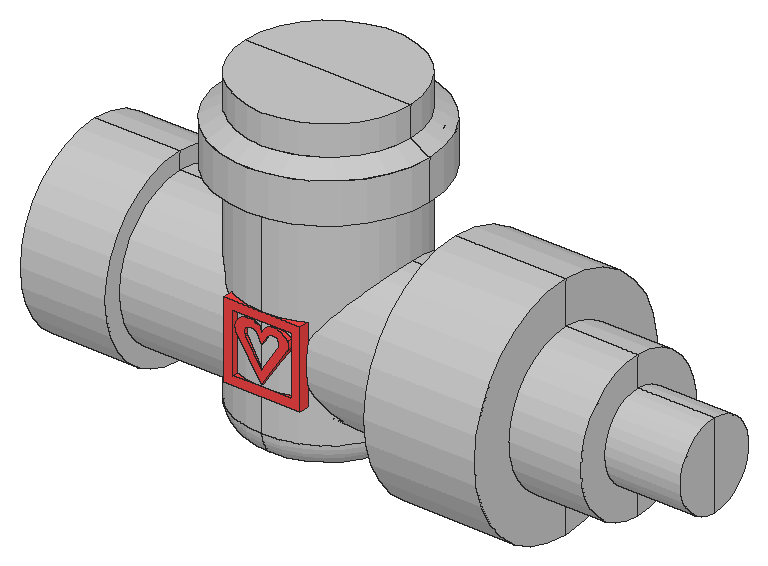
Revit family "RL-5 Rücklaufventil DG 3923", category Rohrzubehör, Revit 2018
Family settings
  Bemaßung runder Anschluss = Durchmesser verwenden
  Teiletyp = Unterbricht
  OmniClass-Nummer = 23.65.55.14
  OmniClass-Titel = Valves for Liquid Services
  Arbeitsebenenbasiert = Nein
  Immer vertikal = Nein
  Beim Laden mit Abzugskörper schneiden = Nein
  Gemeinsam genutzt = Nein
Parameters
  W02 [instance] = 70.00°  # constant formula
  W01 = 120.00°  # constant formula
  URL = "www.herz-armaturen.at"
  SCRNSEQ = "ARM;ARM_TYP=\"ALLF\";2"
  SCRNCODE = "05;01;02"  # constant formula
  S04 = 45.000 mm  # constant formula
  S03 = 61.000 mm  # constant formula
  S02 [instance] = L05 + L06 + L07  # 45.500 mm
  S01 = 10.000 mm  # constant formula
  R05 = 9.750 mm  # constant formula
  R04 = 12.000 mm  # constant formula
  R02 = 9.750 mm  # constant formula
  R01 = 11.000 mm  # constant formula
  Nennweite [instance] = 10.000 mm
  Medium = "Heizwasserqualität entsprechend ÖNORM H 5195 bzw. VDI-Richtllinie 2035."
  Max.Betriebstemperatur = 120 °C  # constant formula
  Max.Betriebsdruck = 1000000.0 Pa  # constant formula
  L07 [instance] = size_lookup("3923_5_", "L7", 1.000 mm, Nennweite)  # 17.500 mm
  L06 [instance] = size_lookup("3923_5_", "L6", 1.000 mm, Nennweite)  # 13.000 mm
  L05 [instance] = L02 - L04  # 15.000 mm
  L04 [instance] = size_lookup("3923_5_", "L4", 1.000 mm, Nennweite)  # 7.500 mm
  L03 [instance] = size_lookup("3923_5_", "L3", 1.000 mm, Nennweite)  # 10.000 mm
  L02 [instance] = size_lookup("3923_5_", "L2", 1.000 mm, Nennweite)  # 22.500 mm
  L01 [instance] = size_lookup("3923_5_", "L1", 1.000 mm, Nennweite)  # 27.500 mm
  Hersteller = "HERZ Armaturen Ges.m.b.H"  # constant formula
  H06 = 3.500 mm  # constant formula
  H05 = 9.500 mm  # constant formula
  H04 [instance] = H02 - H03  # 16.000 mm
  H03 = 5.000 mm  # constant formula
  H02 [instance] = 21.000 mm  # constant formula
  H01 [instance] = size_lookup("3923_5_", "H1", 1.000 mm, Nennweite)  # 14.000 mm
  Gehäuse = "vernickeltes Messing"  # constant formula
  GTI [instance] = size_lookup("3923_5_", "GT1", 1.000 mm, Nennweite)  # 9.000 mm
  GT [instance] = size_lookup("3923_5_", "GT", 1.000 mm, Nennweite)  # 9.500 mm
  G2 [instance] = Nennweite / 2  # 5.000 mm
  G1 [instance] = Nennweite / 2  # 5.000 mm
  D05 [instance] = size_lookup("3923_5_", "D5", 1.000 mm, Nennweite)  # 8.500 mm
  D04 [instance] = size_lookup("3923_5_", "D4", 1.000 mm, Nennweite)  # 13.500 mm
  D03 [instance] = size_lookup("3923_5_", "D3", 1.000 mm, Nennweite)  # 7.940 mm
  D02 [instance] = size_lookup("3923_5_", "D2", 1.000 mm, Nennweite)  # 9.000 mm
  D01 [instance] = size_lookup("3923_5_", "D1", 1.000 mm, Nennweite)  # 11.000 mm
  Bestellnummer [instance] = size_lookup("3923_5_", "Artnr", 0, Nennweite)  # 1392300
  Ausführungen = "Alle Modelle werden in vernickelter Ausführung geliefert und sind Universalmodelle mit Spezialmuffe für Gewinderohr\r\nund Klemmsetanschluß."
  Anwendungsgebiet = "Warmwasser-Heizungsanlagen\r\nDurch den Einbau des Rücklaufventils ist der Heizkörper-Rücklaufanschluß absperrbar.\r\nBei gleichzeitiger Absperrung des Vorlaufventils kann der Heizkörper bei unter Druck stehender Anlage demontiert werden.\r\nServicearbeiten oder Arbeiten an der Wand hinter dem Heizkörper (Tapezierung, Verfliesung) sind durchführbar, ohne die übrige Anlage stillsetzen zu müssen.\r\nMit dem HERZ-RL-5-Ventil kann die durch den Heizkörper strömende Wassermenge entsprechend der geforderten Leistung genau einreguliert werden.\r\nDies empfiehlt sich besonders beim Einbau von Thermostatventilen ohne Voreinstellung, weil durch die Begrenzung der Wassermenge voll wirksam wird und das hydraulische Gleichgewicht der Anlage erhalten bleibt.\r\nÜber das HERZ-RL-5-Ventil kann der Heizkörper oder die Anlage gefüllt oder entleert werden."
Reference planes
  plane 1 "Mitte (Vorne/hinten)": y = 0
  plane 2: z = 0
  plane 3 "Mitte (Links/rechts)": x = 0
Forms (mm)
  Revolve 1, solid, material "Messing, vernickelt", detail levels fine
    sketch origin (0, 0, 0) x (1, 0, 0) y (0, 0, 1)
      loop
        line (-18, 0) -> (22.5, 0) -> (22.5, 7.94) -> (15, 7.94) -> (15, 9) -> (-17.5, 9) -> (-17.5, 11) -> (-27.5, 11) -> (-27.5, 5) -> (-18, 5) -> (-18, 0)
      axis (-27.5, 0) -> (22.5, 0)
    angle from 0 to 360
  Revolve 2, solid, material "Messing, vernickelt", detail levels fine
    sketch origin (0, 0, 0) x (0, 1, 0) y (0, 0, 1)
      loop
        line (0, 21) -> (-11, 21) -> (-11, 16) -> (-9.75, 16) -> (-9.75, -8.456)
        arc (-9.75, -8.456) -> (-9.408, -9.847) -> (-8.46, -10.921) r 3
        line (-8.46, -10.921) -> (0, -14) -> (0, 21)
      axis (0, -14) -> (0, 21)
    angle from 0 to 360
  Revolve 3, solid, material "Messing, vernickelt", detail levels fine
    sketch origin (0, 0, 0) x (1, 0, 0) y (0, 0, 1)
      loop
        line (22.5, 0) -> (45.5, 0) -> (45.5, 5) -> (36.5, 5) -> (36.5, 8.5) -> (28, 8.5) -> (28, 13.5) -> (15, 13.5) -> (15, 7.94) -> (22.5, 7.94) -> (22.5, 0)
      axis (15, 0) -> (45.5, 0)
    angle from 0 to 360
  Revolve 4, solid, material "Messing, vernickelt", detail levels fine
    sketch origin (0, 0, 9) x (1, 0, 0) y (0, 0, 1)
      loop
        line (0, 7) -> (12, 7) -> (12, 11.701) -> (9.75, 13) -> (9.75, 16.5) -> (0, 16.5) -> (0, 7)
      axis (0, 16.5) -> (0, 7)
    angle from 0 to 360
Lines and regions (mm)
  model lines, detail levels coarse+medium
    curve 1: line (-27.5, 0, 11) -> (-27.5, 0, -11)
    curve 2: line (-27.5, 0, -11) -> (27.5, 0, 11)
    curve 3: line (27.5, 0, 11) -> (27.5, 0, -11)
    curve 4: line (27.5, 0, -11) -> (-27.5, 0, 11)
    curve 5: line (27.5, 0, 11) -> (37.5, 0, 11)
    curve 6: line (37.5, 0, 11) -> (27.5, 0, 0)
    curve 7: line (27.5, 0, -11) -> (37.5, 0, -11)
    curve 8: line (37.5, 0, -11) -> (27.5, 0, 0)
    curve 9: line (27.5, 0, 0) -> (45.5, 0, 0)
    curve 10: line (-27.5, 11, 0) -> (-27.5, -11, 0)
    curve 11: line (-27.5, -11, 0) -> (27.5, 11, 0)
    curve 12: line (27.5, 11, 0) -> (27.5, -11, 0)
    curve 13: line (27.5, -11, 0) -> (-27.5, 11, 0)
    curve 14: line (27.5, 11, 0) -> (37.5, 11, 0)
    curve 15: line (37.5, 11, 0) -> (27.5, 0, 0)
    curve 16: line (27.5, -11, 0) -> (37.5, -11, 0)
    curve 17: line (37.5, -11, 0) -> (27.5, 0, 0)
Dimensions and locks
  "L01": Revolve 1 sketch curve to plane 3 "Mitte (Links/rechts)"
  "L02": Revolve 1 sketch curve to plane 3 "Mitte (Links/rechts)"
  "G1": Revolve 1 sketch curve to plane 2
  "GT": Revolve 1 sketch curve to Revolve 1 sketch curve
  "D01": Revolve 1 sketch curve to Revolve 1 sketch curve
  "D02": Revolve 1 sketch curve to Revolve 1 sketch curve
  "D03": Revolve 1 sketch curve to Revolve 1 sketch curve
  "L03": Revolve 1 sketch curve to Revolve 1 sketch curve
  "L04": Revolve 1 sketch curve to Revolve 1 sketch curve
  "H02": Revolve 2 sketch curve to plane 2
  "R01": Revolve 2 sketch curve to plane 1 "Mitte (Vorne/hinten)"
  "D03": Revolve 3 sketch curve to plane 2
  "L04": Revolve 3 sketch curve to Revolve 3 sketch curve
  "L05": Revolve 3 sketch curve to plane 3 "Mitte (Links/rechts)"
  "L06": Revolve 3 sketch curve to Revolve 3 sketch curve
  "L07": Revolve 3 sketch curve to Revolve 3 sketch curve
  "D04": Revolve 3 sketch curve to Revolve 3 sketch curve
  "G2": Revolve 3 sketch curve to Revolve 3 sketch curve
  "D05": Revolve 3 sketch curve to Revolve 3 sketch curve
  "GTI": Revolve 3 sketch curve to Revolve 3 sketch curve
  "D01": curve 4 to plane 2 to curve 2
  "D01": curve 3 to plane 2 to curve 4
  "L01": curve 1 to plane 3 "Mitte (Links/rechts)" to curve 3
  "S01": curve 3 to curve 6
  "S02": curve 9 to plane 3 "Mitte (Links/rechts)"
  "L01": curve 10 to plane 3 "Mitte (Links/rechts)" to curve 12
  "D01": curve 11 to plane 1 "Mitte (Vorne/hinten)" to curve 13
  "D01": curve 13 to plane 1 "Mitte (Vorne/hinten)" to curve 12
  "S01": curve 12 to curve 15
  "S01": curve 12 to curve 17
  "H03": Revolve 2 sketch curve to Revolve 2 sketch curve
  "R02": Revolve 2 sketch curve to Revolve 2 sketch curve
  "H05": Revolve 4 sketch curve to Revolve 4 sketch curve
  "R05": Revolve 4 sketch curve to Revolve 4 sketch curve
  "R04": Revolve 4 sketch curve to Revolve 4 sketch curve
  "H06": Revolve 4 sketch curve to Revolve 4 sketch curve
  "H04": Revolve 4 sketch curve to plane 2
  "D02": nested 1 to plane 1 "Mitte (Vorne/hinten)"
  "H01": plane 2 to Revolve 2 sketch curve
  "W01": angle Revolve 4 sketch curve to Revolve 4 sketch curve
  "W02": angle Revolve 2 sketch curve to Revolve 2 sketch curve
  aligned and locked: level to plane 2
Automatic sketch dimensions
  curve 9 to level = 0.000 mm
  curve 3 to curve 8 = 10.000 mm
  plane 1 "Mitte (Vorne/hinten)" to curve 17 = 0.000 mm
  Revolve 1 sketch curve to level = 0.000 mm  (x2)
  Revolve 1 sketch curve to Revolve 1 sketch curve = 1436.530 mm
  Revolve 1 sketch curve to Revolve 1 sketch curve = 1779.148 mm
  Revolve 2 sketch curve to plane 1 "Mitte (Vorne/hinten)" = 0.000 mm  (x2)
  Revolve 2 sketch curve to Revolve 2 sketch curve = 1.290 mm
  Revolve 2 sketch curve to Revolve 2 sketch curve = 1.710 mm
  Revolve 2 sketch curve to Revolve 2 sketch curve = 98.333 mm
  Revolve 2 sketch curve to Revolve 2 sketch curve = 1236.335 mm
  Revolve 3 sketch curve to level = 0.000 mm  (x2)
  Revolve 3 sketch curve to plane 3 "Mitte (Links/rechts)" = 1506.530 mm
  Revolve 3 sketch curve to Revolve 3 sketch curve = 1789.648 mm
  Revolve 4 sketch curve to plane 3 "Mitte (Links/rechts)" = 0.000 mm  (x2)
  Revolve 4 sketch curve to level = 357.045 mm
  Revolve 4 sketch curve to Revolve 4 sketch curve = 2188.615 mm
Nested families
  nested 1: "Herz-Logo-vorne" at (0, -9, 0) x (0, 1, 0) z (0, 0, 1), type "Herz-Logo-vorne", detail levels fine
Connectors
  piping at (-18, 0, 0), diameter 10, driven by "Nennweite"
    settings: on Revolve 1, index 1, connector inside diameter 609.6 mm, connector length 0.000 mm, flow factor 0, pipe flow 0.0 L/s, pressure drop 0.0 Pa, fitting loss kfactor 0, connector angle 0.00°, fixture units 0, engagement length 0.000 mm, angle of deflection 0.00°, flow configuration 0, flow direction 1, fitting loss method 0, system type 8, joint type 0, gender type 0, connector reference index -1, connector utility 0, adjustable connector no, is connector primary yes, connector description ""
  piping at (45.5, 0, 0), diameter 10, driven by "Nennweite"
    settings: on Revolve 3, index 2, connector inside diameter 609.6 mm, connector length 0.000 mm, flow factor 0, pipe flow 0.0 L/s, pressure drop 0.0 Pa, fitting loss kfactor 0, connector angle 0.00°, fixture units 0, engagement length 0.000 mm, angle of deflection 0.00°, flow configuration 0, flow direction 2, fitting loss method 0, system type 8, joint type 0, gender type 0, connector reference index -1, connector utility 0, adjustable connector no, is connector primary no, connector description ""
Definition of nested family "Herz-Logo-vorne"
  Reference planes
    plane 1 "Mitte (Vorne/hinten)": y = 0
    plane 2: z = 0
    plane 3 "Mitte (Links/rechts)": x = 0
  Forms (mm)
    Extrusion 1, solid
      sketch origin (0.732, -0.018, 0.017) x (0, -1, 0) y (0, 0, 1)
        loop
          line (-0.018, -4.517) -> (4.482, -4.517) -> (4.482, 4.483) -> (-4.518, 4.483) -> (-4.518, -4.517) -> (-0.018, -4.517)
        loop
          line (-0.05, -3.48) -> (3.482, -3.48) -> (3.482, 3.483) -> (-3.518, 3.483) -> (-3.518, -3.48) -> (-0.05, -3.48)
        loop
          arc (-0.018, 2.383) -> (-1.543, 3.287) -> (-3.067, 2.383) r 1.738
          arc (-3.067, 2.383) -> (-3.191, 1.899) -> (-3.067, 1.415) r 1.009
          line (-3.067, 1.415) -> (-0.018, -3.281) -> (3.032, 1.415)
          arc (3.032, 1.415) -> (3.156, 1.899) -> (3.032, 2.383) r 1.009
          arc (3.032, 2.383) -> (1.507, 3.287) -> (-0.018, 2.383) r 1.738
        loop
          arc (1.885, 1.272) -> (2.005, 1.675) -> (1.885, 2.079) r 0.74
          arc (1.885, 2.079) -> (1.265, 2.416) -> (0.644, 2.079) r 0.74
          line (0.644, 2.079) -> (-0.018, 0.97) -> (-0.679, 2.079)
          arc (-0.679, 2.079) -> (-1.3, 2.416) -> (-1.921, 2.079) r 0.74
          arc (-1.921, 2.079) -> (-2.04, 1.675) -> (-1.921, 1.272) r 0.74
          line (-1.921, 1.272) -> (-0.018, -1.658) -> (1.885, 1.272)
      from 0 to 1.5
  Dimensions and locks
    aligned and locked: level to plane 2
